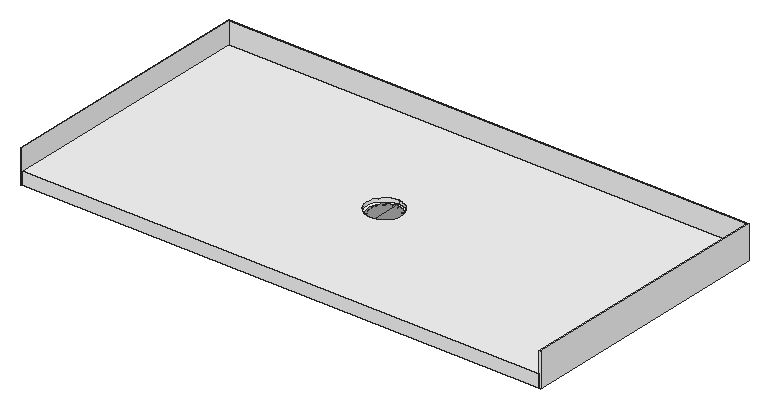
Revit family "1Plumbing-Fixture_Mincey-Marble-Manufacturing_RI-CUST-Custom-Shower-Pan", category Plumbing Fixtures, host Face, Revit 2022
Family settings
  Host = Face
  Round Connector Dimension = Use Diameter
  Part Type = Normal
  OmniClass Number = 23.45.05.14.11.21
  Cut with Voids When Loaded = No
  Maintain Annotation Orientation = No
  Shared = No
  Room Calculation Point = No
Parameters (values of type "RI-CUST - Shower Pan")
  Version = 1
  URL = "https://minceymarble.com/"
  Product data url = ""
  Product Page URL = "https://minceymarble.com/product/shower-pans-cust-roll-in"
  Product Material Note [instance] = "Available Product Material: Almond, Bone, Cream, Ivory, White, Light Gray, Putty."  # constant formula
  Product Material [instance] = Mincey Marble Manufacturing - Cast Marble - White
  Product Documentation Link = "https://minceymarble.com/products-specifications-shower-pans-cust-roll-in"
  Model = "RI-CUST"
  Manufacturer = "Mincey Marble Manufacturing"  # constant formula
  Length Note [instance] = "Available Length range: 62-120\""  # constant formula
  Length Limits [instance] = if(Length > 120", 120", if(Length < 62", 62", Length))  # 62"
  Length [instance] = 62"
  Keynote = "22 40 00.B5"
  Height = 4"  # constant formula
  Flow = 0 GPM
  Drain Vertical Offset Limits [instance] = if(or(Drain Vertical Offset = Length, Drain Vertical Offset > Length), Length Limits - 6", if(Drain Vertical Offset < 6", 6", Drain Vertical Offset))  # 31"
  Drain Vertical Offset [instance] = 31"
  Drain Horizontal Offset Limits [instance] = if(or(Drain Horizontal Offset = Depth, Drain Horizontal Offset > Depth), Depth Limits - 6", if(Drain Horizontal Offset < 6", 6", Drain Horizontal Offset))  # 15.5"
  Drain Horizontal Offset [instance] = 15.5"
  Drain Diameter = 2"
  Drain Cover Material Note [instance] = "Available Drain Cover Material: Solid, Decorative Metal"  # constant formula
  Drain Cover Material [instance] = Mincey Marble Manufacturing - PVC - Solid
  Description = "Custom Roll-In Shower Pan"
  Depth Note [instance] = "Available Depth range: 31-60\""  # constant formula
  Depth Limits [instance] = if(Depth < 31", 31", if(Depth > 60", 60", Depth))  # 31"
  Depth [instance] = 31"
  Default Elevation = 48"
  Date Updated = ""
  Date Created = "2025/08/18"  # constant formula
  Assembly Code = "D2010.60"
Reference planes (in)
  plane 1 "Center (Front/Back)": y = 0
  plane 2: z = 0
  plane 3 "Center (Left/Right)": x = 0
  plane 4: x = -31
  plane 5: x = 31
  plane 6: y = 15.5
  plane 7: y = -15.5
  plane 8: z = -1.5
  plane 9: z = 2.5
  plane 10 "Drain 1": y = 0
  plane 11 "Drain 2": x = 0
Forms (in)
  Extrusion 1, solid, material "Mincey Marble Manufacturing - Cast Marble - White" <- "Product Material", detail levels medium+fine
    sketch origin (0, 0, 0) x (1, 0, 0) y (0, 1, 0)
      loop
        line (-30.875, 15.375) -> (-30.875, -15.5) -> (30.875, -15.5) -> (30.875, 15.375) -> (-30.875, 15.375)
    from 0 to -1.5
  Extrusion 2, solid, material "Mincey Marble Manufacturing - Cast Marble - White" <- "Product Material", detail levels medium+fine
    sketch origin (0, 0, 0) x (1, 0, 0) y (0, 1, 0)
      loop
        line (-31, 15.5) -> (-31, -15.5) -> (-30.875, -15.5) -> (-30.875, 15.375) -> (30.875, 15.375) -> (30.875, -15.5) -> (31, -15.5) -> (31, 15.5) -> (-31, 15.5)
    from -1.5 to 2.5
  Revolve 3, void, detail levels medium+fine
    sketch origin (0, 8, 48) x (0, 1, 0) y (0, 0, 1)
      loop
        line (-8, -49.5) -> (-6.375, -49.5) -> (-6.375, -48.5) -> (-5.875, -48.38) -> (-5.875, -48) -> (-8, -48) -> (-8, -49.5)
      axis (-8, -48) -> (-8, -49.5)
    angle from 0 to 360
  Revolve 4, solid, material "Mincey Marble Manufacturing - PVC - Solid" <- "Drain Cover Material", detail levels medium+fine
    sketch origin (0, 8, 48) x (0, 1, 0) y (0, 0, 1)
      loop
        line (-8, -48.43194) -> (-8, -48.5) -> (-6.375, -48.5) -> (-6.0914, -48.43194) -> (-8, -48.43194)
      axis (-8, -48.43194) -> (-8, -48.5)
    angle from 0 to 360
  Extrusion 5, void
    sketch origin (0, 0, 0) x (1, 0, 0) y (0, 1, 0)
      loop
        line (-31, 15.5) -> (-31, -15.5) -> (31, -15.5) -> (31, 15.5) -> (-31, 15.5)
    from -1.5 to 0
  Extrusion 6, solid, material "Mincey Marble Manufacturing - Cast Marble - White" <- "Product Material", detail levels coarse
    sketch origin (0, 0, 0) x (1, 0, 0) y (0, 1, 0)
      loop
        line (-31, -15.5) -> (31, -15.5) -> (31, 15.5) -> (-31, 15.5) -> (-31, -15.5)
    from -1.5 to 0
  Extrusion 7, solid, not visible
    sketch origin (0, 0, 0) x (1, 0, 0) y (0, 1, 0)
      loop
        circle (0, 0) r 0.5
    from -1.5 to -0.5
Cuts and joins
  Revolve 3 cuts Extrusion 1
Lines and regions (in)
  Masking region 1
    outline origin (0, 0, 0) x (1, 0, 0) y (0, 1, 0)
      loop
        line (-31, -15.5) -> (31, -15.5) -> (31, 15.5) -> (-31, 15.5) -> (-31, -15.5)
  symbolic lines, detail levels medium+fine
    curve 1: line (-30.875, -15.5, 0) -> (-30.875, 15.375, 0)
    curve 2: line (-30.875, 15.375, 0) -> (30.875, 15.375, 0)
    curve 3: line (30.875, 15.375, 0) -> (30.875, -15.5, 0)
    curve 4: arc (0, -2.125, 0) -> (2.125, 0, 0) -> (0, 2.125, 0) r 2.125
    curve 5: arc (0, 2.125, 0) -> (-2.125, 0, 0) -> (0, -2.125, 0) r 2.125
    curve 6: arc (0, 1.625, 0) -> (-1.625, 0, 0) -> (0, -1.625, 0) r 1.625
    curve 7: arc (0, -1.625, 0) -> (1.625, 0, 0) -> (0, 1.625, 0) r 1.625
Dimensions and locks (in)
  equal spacing: plane 4, plane 3 "Center (Left/Right)", plane 5
  "Length Limits": plane 4 to plane 5
  equal spacing: plane 6, plane 1 "Center (Front/Back)", plane 7
  "Depth Limits": plane 6 to plane 7
  plane 9 to level to plane 8 = 2.5" locked, 1.5" locked
  Revolve 3 sketch curve to Revolve 3 sketch curve to plane 10 "Drain 1" = 0.5" locked, 1.625" locked
  locked: plane 11 "Drain 2" to curve 4  (x3)
  locked: plane 10 "Drain 1" to curve 5  (x3)
  locked: plane 11 "Drain 2" to Extrusion 7 sketch curve
  locked: plane 10 "Drain 1" to Extrusion 7 sketch curve
  "Drain Horizontal Offset Limits": plane 6 to plane 10 "Drain 1"
  "Drain Vertical Offset Limits": plane 11 "Drain 2" to plane 5
  locked: Extrusion 2 sketch curve to plane 5 at 0.125
  locked: plane 6 to Extrusion 2 sketch curve at 0.125
  locked: plane 4 to Extrusion 2 sketch curve at 0.125
  locked: Extrusion 1 sketch curve to plane 5 at 0.125
  locked: plane 6 to Extrusion 1 sketch curve at 0.125
  locked: plane 4 to Extrusion 1 sketch curve at 0.125
  Revolve 4 sketch curve to Revolve 4 sketch curve to plane 10 "Drain 1" = 0.2836" locked, 1.625" locked
  aligned and locked: plane 2 to host face
  aligned and locked: level to host face
  aligned and locked: plane 4 to Extrusion 2 sketch curve
  aligned and locked: Extrusion 2 sketch curve to plane 6
  aligned and locked: Extrusion 2 sketch curve to plane 5
  aligned and locked: plane 7 to Extrusion 2 sketch curve  (x2)
  aligned and locked: Extrusion 1 sketch curve to plane 7
  aligned and locked: Extrusion 1 to plane 8
  aligned and locked: level to Extrusion 1
  aligned and locked: Extrusion 2 to plane 8
  aligned and locked: plane 9 to Extrusion 2
  aligned and locked: Masking region 1 sketch curve to plane 4
  aligned and locked: Masking region 1 sketch curve to plane 6
  aligned and locked: Masking region 1 sketch curve to plane 7
  aligned and locked: Masking region 1 sketch curve to plane 5
  aligned and locked: Extrusion 6 sketch curve to plane 4
  aligned and locked: Extrusion 6 sketch curve to plane 6
  aligned and locked: Extrusion 6 sketch curve to plane 7
  aligned and locked: Extrusion 6 sketch curve to plane 5
  aligned and locked: Extrusion 6 to plane 8
  aligned and locked: level to Extrusion 6
  aligned and locked: plane 10 "Drain 1" to Revolve 3 sketch curve  (x2)
  aligned and locked: plane 10 "Drain 1" to Revolve 4 sketch curve
  aligned and locked: Revolve 4 sketch curve to plane 10 "Drain 1"
  aligned and locked: Extrusion 7 to plane 8
  aligned and locked: Revolve 3 sketch curve to Extrusion 2
  aligned and locked: Revolve 4 to Extrusion 7
Automatic sketch dimensions
  host sketch curve to host sketch curve = 131.51917"
  host sketch curve to host sketch curve = 96"
  Extrusion 5 sketch curve to plane 4 = 0"
  Extrusion 5 sketch curve to plane 5 = 0"
  Extrusion 5 sketch curve to plane 7 = 0"
  Extrusion 5 sketch curve to plane 6 = 0"
  curve 1 to plane 7 = 0"
  curve 1 to plane 4 = 0.125"
  curve 2 to plane 6 = 0.125"
  curve 2 to plane 5 = 0.125"
  curve 3 to plane 7 = 0"
  Revolve 3 sketch curve to Revolve 3 sketch curve = 22.5"
  plane 9 to Revolve 3 sketch curve = 89.77586"
  curve 4 to curve 6 = 0"  (x4)
  curve 4 to curve 6 = 0.5"
  plane 8 to Revolve 3 sketch curve = 1"
  Revolve 3 sketch curve to Revolve 3 sketch curve = 0.12"
  Revolve 3 sketch curve to level = 0"
  Revolve 4 sketch curve to level = 0.43194"
  Revolve 4 sketch curve to plane 8 = 22.5"
  plane 9 to Revolve 4 sketch curve = 89.77586"
  Revolve 4 sketch curve to Revolve 4 sketch curve = 0.06806"
  curve 4 to curve 5 = 0"  (x2)
  curve 4 to curve 7 = 0"  (x2)
  curve 5 to curve 6 = 0"  (x2)
  curve 5 to curve 7 = 0"  (x2)
  curve 6 to curve 7 = 0"  (x2)
  curve 7 to plane 3 "Center (Left/Right)" = 0"
  plane 1 "Center (Front/Back)" to curve 4 = 0"
  curve 4 to curve 4 = 2.125"
  radius of Extrusion 7 sketch curve = 0.5"
Connectors (in)
  piping at (0, 0, -1.5), diameter 2, driven by "Drain Diameter", driven by "Flow"
    settings: on Extrusion 7, index 1, connector inside diameter 24", connector length 0", flow factor 0, pipe flow 0 GPM, pressure drop 0.00 psi, fitting loss kfactor 0, connector angle 0.00°, fixture units 0, engagement length 0", angle of deflection 0.00°, flow configuration 0, flow direction 2, fitting loss method 0, system type 16, joint type 0, gender type 0, connector reference index -1, connector utility 0, adjustable connector no, is connector primary yes, connector description "Drain"
